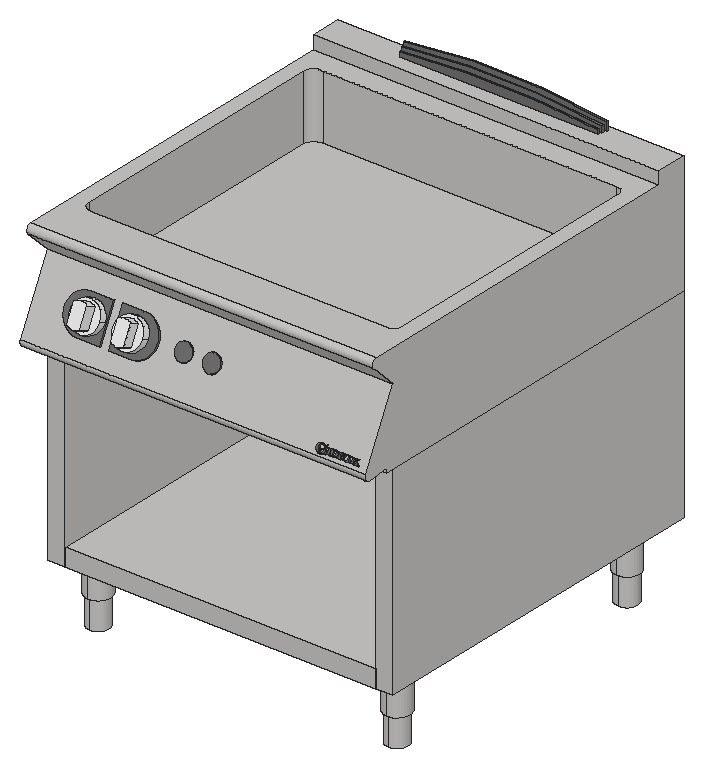
Revit family "QF_GIORIK_BM940E", category Specialty Equipment, Revit 2014
Parameters (values of type "BM940E")
  Weight in Pounds = 165.3465
  Watts = 3300 W
  Waste Water Discharge Temperature [instance] = 0 °C
  Volts = 230 V
  URL Cutsheet = "www.giorik.com"
  URL = "www.giorik.com"
  Status [instance] = ""
  Specification by User [instance] = ""
  Specification by Manufacturer = ""
  Show Logo [instance] = yes
  Show Clearance [instance] = yes
  Serial Number = ""
  Seismic Rating = ""
  SMACNA No = ""
  Revision Code [instance] = ""
  Plumbing Remarks [instance] = ""
  Plumbing Connection Type [instance] = ""
  Phase = 1
  Number of Poles [instance] = 1
  NAFEM Spec ID Number = ""
  Model = "BM940E"
  Min Ckt Ampacity = 0 A
  Max Overcurrent Protection = 0 A
  Masterspec = ""
  Manufacturer = "GIORIK"
  Item Number [instance] = ""
  Installed By [instance] = ""
  Indirect Waste Size = 1"
  Indirect Waste Flow = 0.0 L/s
  Indirect Waste Connection Type [instance] = ""
  Indirect Waste Connection Height [instance] = 150 mm
  Identify Quantity as Lot [instance] = no
  HP = "4.425366000000"
  Furnished By [instance] = ""
  Foodservice Equipment Identifier [instance] = yes
  FL Amps = 0 A
  Electrical Remarks [instance] = ""
  Electric Connection Type [instance] = ""
  Elec Conn RI Height [instance] = 0 mm
  Elec Conn Connection Height [instance] = 150 mm
  Description = "ELECTRIC BAIN-MARIE ON OPEN BASE UNIT, GN 2/1 + 1/3"
  Cycle = 50 Hz
  Conn Plug = ""
  Conn Conduit [instance] = no
  CSI MasterFormat = ""
  Assembly Code = "E1090320"
  Apparent Power = 3300 VA
Reference planes
  plane 1 "Back": y = 0
  plane 2: z = 0
  plane 3 "Left": x = 0
  plane 4 "Right": x = 800
  plane 5 "Front": y = -920
  plane 6 "Top": z = 900
Forms (mm)
  Extrusion 1, solid, visible <- "Show Logo"
    sketch origin (586.604, -935.76, 608.978) x (-1, 0, 0) y (0, 0.452718, 0.891654)
      loop
        line (-118.824, 58.358) -> (-127.804, 58.358) -> (-125.523, 56.445) -> (-125.523, 48.027) -> (-127.804, 46.113) -> (-118.824, 46.113) -> (-121.105, 48.027) -> (-121.105, 56.445) -> (-118.824, 58.358)
      loop
        line (-163.721, 58.358) -> (-172.7, 58.358) -> (-170.42, 56.445) -> (-170.42, 48.027) -> (-172.7, 46.113) -> (-163.721, 46.113) -> (-166.001, 48.027) -> (-166.001, 56.445) -> (-163.721, 58.358)
      loop
        line (-174.332, 58.358) -> (-183.312, 58.358) -> (-181.031, 56.445) -> (-181.031, 52.435) -> (-186.419, 56.955) -> (-184.416, 58.358) -> (-191.268, 58.358) -> (-188.01, 56.839) -> (-185.455, 54.283) -> (-190.846, 47.858) -> (-193.396, 46.93) -> (-193.396, 46.113) -> (-184.416, 46.113) -> (-185.437, 47.571) -> (-182.443, 51.552) -> (-181.031, 50.894) -> (-181.031, 48.027) -> (-183.312, 46.113) -> (-174.332, 46.113) -> (-176.613, 48.027) -> (-176.613, 56.445) -> (-174.332, 58.358)
      loop
        line (-115.429, 62.063) -> (-115.429, 54.198)
        arc (-115.429, 54.198) -> (-111.618, 57.803) -> (-106.847, 59.986) r 16.039
        arc (-106.847, 59.986) -> (-103.314, 59.837) -> (-100.512, 57.68) r 5.851
        arc (-100.512, 57.68) -> (-98.815, 52.267) -> (-100.512, 46.853) r 9.479
        arc (-100.512, 46.853) -> (-102.406, 44.986) -> (-104.846, 43.93) r 7.236
        arc (-104.846, 43.93) -> (-107.728, 44.111) -> (-110.052, 45.825) r 5.11
        line (-110.052, 45.825) -> (-110.052, 52.001) -> (-116.141, 52.001) -> (-116.141, 45.503) -> (-117.893, 43.751) -> (-114.094, 44.769)
        arc (-114.094, 44.769) -> (-112.56, 44.947) -> (-111.129, 44.366) r 3.115
        arc (-111.129, 44.366) -> (-104.216, 42.091) -> (-97.303, 44.366) r 11.641
        arc (-97.303, 44.366) -> (-93.396, 52.107) -> (-97.303, 59.849) r 9.622
        arc (-97.303, 59.849) -> (-104.369, 62.174) -> (-111.435, 59.849) r 11.898
        line (-111.435, 59.849) -> (-115.429, 62.063)
      loop
        arc (-129.234, 56.068) -> (-135.893, 58.628) -> (-142.552, 56.068) r 9.941
        arc (-142.552, 56.068) -> (-144.234, 52.286) -> (-142.552, 48.505) r 5.093
        arc (-142.552, 48.505) -> (-135.893, 45.945) -> (-129.234, 48.505) r 9.941
        arc (-129.234, 48.505) -> (-127.552, 52.286) -> (-129.234, 56.068) r 5.093
      loop
        arc (-132.628, 54.403) -> (-135.893, 57.668) -> (-139.158, 54.403) r 3.265
        line (-139.158, 54.403) -> (-139.158, 50.169)
        arc (-139.158, 50.169) -> (-135.893, 46.904) -> (-132.628, 50.169) r 3.265
        line (-132.628, 50.169) -> (-132.628, 54.403)
      loop
        arc (-156.363, 58.365) -> (-159.647, 55.081) -> (-156.363, 51.796) r 3.285
        line (-156.363, 51.796) -> (-159.529, 47.306) -> (-162.087, 46.113) -> (-155.847, 46.113) -> (-153.529, 51.083) -> (-150.637, 51.083) -> (-150.637, 47.784) -> (-153.022, 46.113) -> (-144.011, 46.113) -> (-146.094, 47.68) -> (-146.094, 56.493) -> (-144.229, 58.365) -> (-156.363, 58.365)
      loop
        line (-150.637, 57.512) -> (-153.637, 57.512)
        arc (-153.637, 57.512) -> (-156.237, 54.912) -> (-153.637, 52.312) r 2.6
        line (-153.637, 52.312) -> (-150.637, 52.312) -> (-150.637, 57.512)
      loop
        line (-108.924, 52.001) -> (-104.936, 49.005) -> (-100.948, 52.001) -> (-108.924, 52.001)
    from 1.5 to -0.5
  Extrusion 2, solid
    sketch origin (-16, 1025.81, 0) x (1, 0, 0) y (0, 1, 0)
      loop
        line (25, -1086.81) -> (25, -1156.81) -> (115, -1156.81) -> (115, -1086.81) -> (25, -1086.81)
    from 148 to 150
  Extrusion 3, solid
    sketch origin (-4, 0, 130) x (1, 0, 0) y (0, 1, 0)
      loop
        circle (54, -385) r 12.5
    from 0 to 20
  Extrusion 4, solid
    sketch origin (0, 800, -20) x (0, 1, 0) y (0, 0, 1)
      loop
        line (-800, 919.988) -> (-870, 919.988) -> (-870, 889.988) -> (-1688.669, 889.988)
        arc (-1688.669, 889.988) -> (-1699.014, 883.075) -> (-1696.586, 870.873) r 11.197
        line (-1696.586, 870.873) -> (-1640.738, 815.025) -> (-1718.81, 661.258)
        arc (-1718.81, 661.258) -> (-1718.095, 650.105) -> (-1707.98, 645.354) r 10.981
        line (-1707.98, 645.354) -> (-1659.862, 649.925) -> (-1659.862, 640) -> (-800, 640) -> (-800, 919.988)
    from 0 to 800
  Extrusion 5, solid
    sketch origin (0, -200, 599.536) x (1, 0, 0) y (0, 1, 0)
      loop
        line (0, -640) -> (40, -640) -> (40, 160) -> (760, 160) -> (760, -640) -> (800, -640) -> (800, 200) -> (0, 200) -> (0, -640)
    from -449.536 to 20.464
  Extrusion 6, solid
    sketch origin (0, -200, 0) x (1, 0, 0) y (0, 1, 0)
      loop
        line (40, 160) -> (40, -640) -> (760, -640) -> (760, 160) -> (40, 160)
    from 150 to 190
  Extrusion 7, solid
    sketch origin (-16, 360.81, 0) x (1, 0, 0) y (0, 1, 0)
      loop
        line (25, -1086.81) -> (25, -1156.81) -> (115, -1156.81) -> (115, -1086.81) -> (25, -1086.81)
    from 148 to 150
  Revolve 8, solid
    sketch origin (54, 360.81, 0) x (0, 1, 0) y (0, 0, 1)
      loop
        line (-1092.56, 66) -> (-1092.56, 148) -> (-1121.81, 148) -> (-1121.81, 0) -> (-1096.81, 0) -> (-1096.81, 66) -> (-1092.56, 66)
      axis (-1121.81, 0) -> (-1121.81, 148)
    angle from 0 to 360
  Revolve 9, solid
    sketch origin (54, 1025.81, 0) x (0, 1, 0) y (0, 0, 1)
      loop
        line (-1092.56, 66) -> (-1092.56, 148) -> (-1121.81, 148) -> (-1121.81, 0) -> (-1096.81, 0) -> (-1096.81, 66) -> (-1092.56, 66)
      axis (-1121.81, 0) -> (-1121.81, 148)
    angle from 0 to 360
  Extrusion 10, solid
    sketch origin (816, 360.81, 0) x (-1, 0, 0) y (0, -1, 0)
      loop
        line (25, 1086.81) -> (115, 1086.81) -> (115, 1156.81) -> (25, 1156.81) -> (25, 1086.81)
    from 148 to 150
  Revolve 11, solid
    sketch origin (746, 360.81, 0) x (0, 1, 0) y (0, 0, -1)
      loop
        line (-1092.56, -66) -> (-1096.81, -66) -> (-1096.81, 0) -> (-1121.81, 0) -> (-1121.81, -148) -> (-1092.56, -148) -> (-1092.56, -66)
      axis (-1121.81, 0) -> (-1121.81, -148)
    angle from 0 to 360
  Extrusion 12, solid
    sketch origin (816, -1217.81, 0) x (-1, 0, 0) y (0, -1, 0)
      loop
        line (25, -1086.81) -> (25, -1156.81) -> (115, -1156.81) -> (115, -1086.81) -> (25, -1086.81)
    from 148 to 150
  Revolve 13, solid
    sketch origin (746, -1217.81, 0) x (0, -1, 0) y (0, 0, 1)
      loop
        line (-1092.56, 66) -> (-1092.56, 148) -> (-1121.81, 148) -> (-1121.81, 0) -> (-1096.81, 0) -> (-1096.81, 66) -> (-1092.56, 66)
      axis (-1121.81, 0) -> (-1121.81, 148)
    angle from 0 to 360
  Extrusion 14, solid
    sketch origin (-293.221, -1163.345, 52.363) x (1, 0, 0) y (0, 0.452718, 0.891654)
      loop
        line (463.221, 676.25) -> (463.221, 766.25) -> (409.698, 766.25)
        arc (409.698, 766.25) -> (364.698, 721.25) -> (409.698, 676.25) r 45
        line (409.698, 676.25) -> (463.221, 676.25)
    from 48 to 50
  Extrusion 15, solid
    sketch origin (481.331, -1208.697, 74.959) x (-1, 0, 0) y (0, -0.45351, -0.891251)
      loop
        circle (351.331, -721.346) r 35
    from 0 to 15
  Extrusion 16, solid
    sketch origin (481.331, -1208.697, 74.959) x (-1, 0, 0) y (0, -0.45351, -0.891251)
      loop
        arc (336.331, -743.846) -> (351.331, -748.846) -> (366.331, -743.846) r 25
        line (366.331, -743.846) -> (366.331, -698.846)
        arc (366.331, -698.846) -> (351.331, -693.846) -> (336.331, -698.846) r 25
        line (336.331, -698.846) -> (336.331, -743.846)
    from 15 to 40
  Extrusion 17, void
    sketch origin (0, -200, 819.988) x (0, 1, 0) y (-1, 0, 0)
      loop
        arc (80, -60) -> (72.678, -42.322) -> (55, -35) r 25
        line (55, -35) -> (-565.002, -35)
        arc (-565.002, -35) -> (-582.68, -42.322) -> (-590.002, -60) r 25
        line (-590.002, -60) -> (-590.002, -740)
        arc (-590.002, -740) -> (-582.68, -757.678) -> (-565.002, -765) r 25
        line (-565.002, -765) -> (55, -765)
        arc (55, -765) -> (72.678, -757.678) -> (80, -740) r 25
        line (80, -740) -> (80, -60)
    from -100 to 50
  Extrusion 18, solid
    sketch origin (415, -175, 719.988) x (0, 1, 0) y (-1, 0, 0)
      loop
        circle (-565.918, -311.344) r 20
    from 0 to 2
  Extrusion 19, solid
    sketch origin (653.221, -1163.345, 52.363) x (-1, 0, 0) y (0, -0.452718, -0.891654)
      loop
        line (463.221, -676.25) -> (409.698, -676.25)
        arc (409.698, -676.25) -> (364.698, -721.25) -> (409.698, -766.25) r 45
        line (409.698, -766.25) -> (463.221, -766.25) -> (463.221, -676.25)
    from 48 to 50
  Extrusion 20, solid
    sketch origin (-121.331, -1208.697, 74.959) x (1, 0, 0) y (0, 0.45351, 0.891251)
      loop
        circle (351.331, 721.346) r 35
    from 0 to 15
  Extrusion 21, solid
    sketch origin (-121.331, -1208.697, 74.959) x (1, 0, 0) y (0, 0.45351, 0.891251)
      loop
        line (336.331, 743.846) -> (336.331, 698.846)
        arc (336.331, 698.846) -> (351.331, 693.846) -> (366.331, 698.846) r 25
        line (366.331, 698.846) -> (366.331, 743.846)
        arc (366.331, 743.846) -> (351.331, 748.846) -> (336.331, 743.846) r 25
    from 15 to 40
  Extrusion 22, solid
    sketch origin (101.156, -1136.65, 215.385) x (0, -0.452718, -0.891654) y (-1, 0, 0)
      loop
        circle (-565.918, -311.344) r 20
    from 0 to 2
  Extrusion 23, solid
    sketch origin (35.811, -1136.65, 215.385) x (0, -0.452718, -0.891654) y (-1, 0, 0)
      loop
        circle (-565.918, -311.344) r 20
    from 0 to 2
  Extrusion 24, solid
    sketch origin (400, 0, 100) x (0, 1, 0) y (-1, 0, 0)
      loop
        circle (-54, -313) r 6.35
    from 30 to 50
  Extrusion 25, solid
    sketch origin (400, 0, 100) x (0, 1, 0) y (-1, 0, 0)
      loop
        circle (-129, -162) r 12.5
    from 30 to 50
  Extrusion 26, solid
    sketch origin (36.031, 0, -10.001) x (1, 0, 0) y (0, 0, 1)
      loop
        line (135, 909.989) -> (592.969, 909.989) -> (592.969, 919.989) -> (440.969, 929.989) -> (287, 929.989) -> (135, 919.989) -> (135, 909.989)
    from 32 to 35
  Extrusion 27, solid
    sketch origin (38, 10, -10.001) x (1, 0, 0) y (0, 0, 1)
      loop
        line (594, 909.989) -> (594, 924.989) -> (440, 937.489) -> (284, 937.489) -> (130, 925.001) -> (130, 909.989) -> (594, 909.989)
    from 32 to 35
  Extrusion 28, solid
    sketch origin (40, 20, -10.001) x (1, 0, 0) y (0, 0, 1)
      loop
        line (595, 909.989) -> (595, 930.001) -> (439, 945.258) -> (281, 945.258) -> (125, 929.989) -> (125, 909.989) -> (595, 909.989)
    from 32 to 35
Cuts and joins
  Extrusion 17 cuts Extrusion 4
Lines and regions (mm)
  symbolic lines, style "200-EquipBorder-2D"
    curve 1: line (0, -920, 0) -> (800, -920, 0)
    curve 2: line (800, -920, 0) -> (800, 0, 0)
    curve 3: line (800, 0, 0) -> (0, 0, 0)
    curve 4: line (0, 0, 0) -> (0, -920, 0)
    curve 27: line (115, -927.413, 900) -> (115, -920, 900)
    curve 28: line (145, -927.413, 900) -> (145, -920, 900)
    curve 29: line (215, -927.413, 900) -> (215, -920, 900)
    curve 30: line (245, -927.413, 900) -> (245, -920, 900)
    curve 31: arc (245, -927.413, 900) -> (230, -929.928, 900) -> (215, -927.413, 900) r 45.987
    curve 32: arc (145, -927.413, 900) -> (130, -929.735, 900) -> (115, -927.413, 900) r 49.614
  symbolic lines, style "200-EquipInternal-2D"
    curve 5: line (0, -70, 900) -> (800, -70, 900)
    curve 6: line (740, -120, 900) -> (60, -120, 900)
    curve 7: arc (60, -120, 900) -> (42.322, -127.322, 900) -> (35, -145, 900) r 25
    curve 8: line (35, -145, 900) -> (35, -765, 900)
    curve 9: arc (765, -145, 900) -> (757.678, -127.322, 900) -> (740, -120, 900) r 25
    curve 10: line (765, -765, 900) -> (765, -145, 900)
    curve 11: arc (740, -790, 900) -> (757.678, -782.678, 900) -> (765, -765, 900) r 25
    curve 12: line (60, -790, 900) -> (740, -790, 900)
    curve 13: arc (35, -765, 900) -> (42.322, -782.678, 900) -> (60, -790, 900) r 25
    curve 14: circle (726.344, -740.918, 900) r 20 normal (0, 0, 1)
    curve 15: line (165, -12, 900) -> (165, -15, 900)
    curve 16: line (635, -12, 900) -> (165, -12, 900)
    curve 17: line (165, -15, 900) -> (635, -15, 900)
    curve 18: line (632, -22, 900) -> (168, -22, 900)
    curve 19: line (168, -22, 900) -> (168, -25, 900)
    curve 20: line (168, -25, 900) -> (632, -25, 900)
    curve 21: line (171.031, -35, 900) -> (629, -35, 900)
    curve 22: line (171.031, -32, 900) -> (171.031, -35, 900)
    curve 23: line (629, -32, 900) -> (171.031, -32, 900)
    curve 24: line (635, -15, 900) -> (635, -12, 900)
    curve 25: line (632, -25, 900) -> (632, -22, 900)
    curve 26: line (629, -35, 900) -> (629, -32, 900)
Dimensions and locks
  plane 3 "Left" to plane 4 "Right" = 800 mm
  plane 5 "Front" to plane 1 "Back" = 920 mm
  plane 4 "Right" to plane 3 "Left" = 800 mm
  plane 1 "Back" to plane 5 "Front" = 920 mm
  plane 6 "Top" to level = 900 mm  (x2)
  aligned and locked: level to plane 2
Connectors
  electrical at (50, -385, 130), driven by "Apparent Power", driven by "Volts", driven by "Number of Poles"
    settings: on Extrusion 3, index 1, voltage 230 V, apparent load 0 VA, apparent load phase1 3300 VA, apparent load phase2 0 VA, apparent load phase3 0 VA, power factor 1, load classification "Other", number of poles 1, system type 31, power factor state 1, is connector primary yes, connector utility no, sub classification motor no, connector description "Electrical connector"
  piping at (713, -54, 130), diameter 12.7
    settings: on Extrusion 24, index 2, connector inside diameter 24", connector length 0 mm, flow factor 0, pipe flow 0.0 L/s, pressure drop 0.0 Pa, fitting loss kfactor 0, connector angle 0.00°, fixture units 0, engagement length 0 mm, angle of deflection 0.00°, flow configuration 1, flow direction 1, fitting loss method 0, system type 20, joint type 0, gender type 0, connector reference index -1, connector utility 0, adjustable connector no, is connector primary yes, connector description "Water inlet"
  piping at (562, -129, 130), diameter 25.4
    settings: on Extrusion 25, index 3, connector inside diameter 24", connector length 0 mm, flow factor 0, pipe flow 0.0 L/s, pressure drop 0.0 Pa, fitting loss kfactor 0, connector angle 0.00°, fixture units 0, engagement length 0 mm, angle of deflection 0.00°, flow configuration 1, flow direction 2, fitting loss method 0, system type 7, joint type 0, gender type 0, connector reference index -1, connector utility 0, adjustable connector no, is connector primary no, connector description "Water drain"
